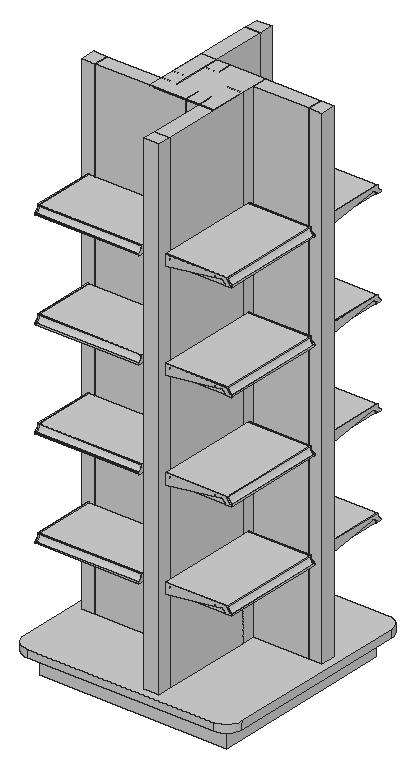
Revit family "TM", category Specialty Equipment, Revit 2012
Parameters (values of type "Tubular 4-Way Merchandiser (Default)")
  Width (32", 40", 48", or 57") = 3' - 4"
  URL = "http://madixinc.com/display/freestanding.html"
  Model = "Tubular 4-Way Merchandiser"
  Manufacturer = "© 2012 Madix, Inc. All rights reserved."
  Height = 8' - 0"
  4 [instance] = yes
  3 [instance] = yes
  2 [instance] = yes
  1 [instance] = yes
Reference planes (in)
  plane 1 "Center (Front/Back)": y = 0
  plane 2: z = 0
  plane 3 "Center (Left/Right)": x = 0
  plane 4: x = 14.875
  plane 5: x = -14.875
  plane 6: y = 14.875
  plane 7: y = -14.875
  plane 8: x = -3.125
  plane 9: y = -3.125
  plane 10: x = -18.5
  plane 11: x = 18.5
  plane 12: y = 18.5
  plane 13: y = -18.49981
  plane 14: z = 5.5
  plane 15: z = 23.5
  plane 16: z = 41.5
  plane 17: z = 59.5
  plane 18: z = 77.5
  plane 19: y = 15.96875
  plane 20: y = -15.96875
  plane 21: x = -15.96875
  plane 22: x = 15.96875
  plane 23: x = 5.875
  plane 24: z = 4.125
  plane 25: z = 96
  plane 26: z = 96.0625
  plane 27: y = 1.875
  plane 28: y = 1.75
  plane 29: y = -17.24981
  plane 30: y = -17.12481
  plane 31: x = -20
  plane 32: x = 20
  plane 33: y = 20
  plane 34: y = -20
  plane 35: y = 17.25
  plane 36: y = -1.875
  plane 37: y = -1.75
  plane 38: x = -17.25
  plane 39: x = 1.875
  plane 40: x = 1.75
  plane 41: x = -1.84375
  plane 42: x = -1.71875
  plane 43: y = -5.875
  plane 44: y = 5.875
  plane 45: x = 17.125
  plane 46: x = 17.25
  plane 47: x = 17.25
Forms (in)
  Extrusion 1, solid, material "Metal - Steel"
    sketch origin (0, 0, 0) x (1, 0, 0) y (0, 1, 0)
      loop
        line (-3.125, 18.5) -> (-5.875, 18.5) -> (-5.875, 16) -> (-3.125, 16) -> (-3.125, 18.5)
      loop
        line (18.5, 5.875) -> (16, 5.875) -> (16, 3.125) -> (18.5, 3.125) -> (18.5, 5.875)
      loop
        line (5.875, -18.49981) -> (5.875, -15.99981) -> (3.125, -15.99981) -> (3.125, -18.49981) -> (5.875, -18.49981)
      loop
        line (-18.5, -3.125) -> (-18.5, -5.875) -> (-16, -5.875) -> (-16, -3.125) -> (-18.5, -3.125)
      loop
        line (5.875, -15.96875) -> (5.875, 0.593) -> (3.125, 0.593) -> (3.125, -15.96875) -> (5.875, -15.96875)
      loop
        line (5.875, 0.625) -> (5.875, 3.09375) -> (3.125, 3.09375) -> (3.125, 0.625) -> (5.875, 0.625)
      loop
        line (0.625, -5.875) -> (3.09375, -5.875) -> (3.09375, -3.125) -> (0.625, -3.125) -> (0.625, -5.875)
      loop
        line (-15.96875, -5.875) -> (0.59375, -5.875) -> (0.59375, -3.125) -> (-15.96875, -3.125) -> (-15.96875, -5.875)
      loop
        line (-5.875, -0.625) -> (-5.875, -3.09375) -> (-3.125, -3.09375) -> (-3.125, -0.625) -> (-5.875, -0.625)
      loop
        line (-5.875, -0.59375) -> (-3.125, -0.59375) -> (-3.125, 15.96875) -> (-5.875, 15.96875) -> (-5.875, -0.59375)
      loop
        line (-0.625, 3.125) -> (-0.625, 5.875) -> (-3.09375, 5.875) -> (-3.09375, 3.125) -> (-0.625, 3.125)
      loop
        line (-0.59375, 5.875) -> (-0.59375, 3.125) -> (15.96875, 3.125) -> (15.96875, 5.875) -> (-0.59375, 5.875)
    from 5.5 to 96
  Extrusion 2, solid, material "Metal - Steel"
    sketch origin (0, 0, 0) x (1, 0, 0) y (0, 1, 0)
      loop
        line (-17.125, -17.12481) -> (17.125, -17.12481) -> (17.125, 17.125) -> (-17.125, 17.125) -> (-17.125, -17.12481)
    from 0 to 5.5
  Extrusion 3, solid, material "Metal - Steel"
    sketch origin (0, 0, 0) x (1, 0, 0) y (0, 1, 0)
      loop
        arc (-17.125, 20) -> (-19.15793, 19.15793) -> (-20, 17.125) r 2.875
        line (-20, 17.125) -> (-20, -17.125)
        arc (-20, -17.125) -> (-19.15793, -19.15793) -> (-17.125, -20) r 2.875
        line (-17.125, -20) -> (17.125, -20)
        arc (17.125, -20) -> (19.15793, -19.15793) -> (20, -17.125) r 2.875
        line (20, -17.125) -> (20, 17.125)
        arc (20, 17.125) -> (19.15793, 19.15793) -> (17.125, 20) r 2.875
        line (17.125, 20) -> (-17.125, 20)
    from 4.125 to 5.5
  Extrusion 4, solid, material "Metal - Steel"
    sketch origin (0, 0, 0) x (1, 0, 0) y (0, 1, 0)
      loop
        line (-5.875, 5.875) -> (-5.875, -5.875) -> (5.875, -5.875) -> (5.875, 5.875) -> (-5.875, 5.875)
    from 96 to 96.0625
  Extrusion 5, solid, material "Metal - Steel"
    sketch origin (0, 0, 0) x (1, 0, 0) y (0, 0, 1)
      loop
        line (17.375, 77.5) -> (5.875, 77.5) -> (5.875, 76.125) -> (18.125, 76.125) -> (18.125, 76.375) -> (18, 76.375) -> (18, 76.25)
        arc (18, 76.25) -> (17.51196, 76.73714) -> (17.25, 77.375) r 1.75
        line (17.25, 77.375) -> (17.375, 77.375) -> (17.375, 77.5)
      loop
        line (17.375, 59.5) -> (5.875, 59.5) -> (5.875, 58.125) -> (18.125, 58.125) -> (18.125, 58.375) -> (18, 58.375) -> (18, 58.25)
        arc (18, 58.25) -> (17.51196, 58.73714) -> (17.25, 59.375) r 1.75
        line (17.25, 59.375) -> (17.375, 59.375) -> (17.375, 59.5)
      loop
        line (17.375, 41.5) -> (5.875, 41.5) -> (5.875, 40.125) -> (18.125, 40.125) -> (18.125, 40.375) -> (18, 40.375) -> (18, 40.25)
        arc (18, 40.25) -> (17.51196, 40.73714) -> (17.25, 41.375) r 1.75
        line (17.25, 41.375) -> (17.375, 41.375) -> (17.375, 41.5)
      loop
        line (17.375, 23.5) -> (5.875, 23.5) -> (5.875, 22.125) -> (18.125, 22.125) -> (18.125, 22.375) -> (18, 22.375) -> (18, 22.25)
        arc (18, 22.25) -> (17.51196, 22.73714) -> (17.25, 23.375) r 1.75
        line (17.25, 23.375) -> (17.375, 23.375) -> (17.375, 23.5)
    from -1.75 to 17.12481
  Extrusion 6, solid, material "Metal - Steel"
    sketch origin (0, 0, 0) x (1, 0, 0) y (0, 0, 1)
      loop
        line (-5.875, 77.5) -> (-17.375, 77.5) -> (-17.375, 77.375) -> (-17.25, 77.375)
        arc (-17.25, 77.375) -> (-17.51196, 76.73714) -> (-18, 76.25) r 1.75
        line (-18, 76.25) -> (-18, 76.375) -> (-18.125, 76.375) -> (-18.125, 76.125) -> (-5.875, 76.125) -> (-5.875, 77.5)
      loop
        line (-5.875, 59.5) -> (-17.375, 59.5) -> (-17.375, 59.375) -> (-17.25, 59.375)
        arc (-17.25, 59.375) -> (-17.51196, 58.73714) -> (-18, 58.25) r 1.75
        line (-18, 58.25) -> (-18, 58.375) -> (-18.125, 58.375) -> (-18.125, 58.125) -> (-5.875, 58.125) -> (-5.875, 59.5)
      loop
        line (-5.875, 41.5) -> (-17.375, 41.5) -> (-17.375, 41.375) -> (-17.25, 41.375)
        arc (-17.25, 41.375) -> (-17.51196, 40.73714) -> (-18, 40.25) r 1.75
        line (-18, 40.25) -> (-18, 40.375) -> (-18.125, 40.375) -> (-18.125, 40.125) -> (-5.875, 40.125) -> (-5.875, 41.5)
      loop
        line (-5.875, 23.5) -> (-17.375, 23.5) -> (-17.375, 23.375) -> (-17.25, 23.375)
        arc (-17.25, 23.375) -> (-17.51196, 22.73714) -> (-18, 22.25) r 1.75
        line (-18, 22.25) -> (-18, 22.375) -> (-18.125, 22.375) -> (-18.125, 22.125) -> (-5.875, 22.125) -> (-5.875, 23.5)
    from -17.125 to 1.75
  Extrusion 7, solid, material "Metal - Steel"
    sketch origin (0, 0, 0) x (0, 1, 0) y (0, 0, 1)
      loop
        line (-5.875, 77.5) -> (-17.375, 77.5) -> (-17.375, 77.375) -> (-17.24981, 77.375)
        arc (-17.24981, 77.375) -> (-17.51177, 76.73714) -> (-17.99981, 76.25) r 1.75
        line (-17.99981, 76.25) -> (-17.99981, 76.375) -> (-18.12481, 76.375) -> (-18.12481, 76.125) -> (-5.875, 76.125) -> (-5.875, 77.5)
      loop
        line (-5.875, 59.5) -> (-17.375, 59.5) -> (-17.375, 59.375) -> (-17.24981, 59.375)
        arc (-17.24981, 59.375) -> (-17.51177, 58.73714) -> (-17.99981, 58.25) r 1.75
        line (-17.99981, 58.25) -> (-17.99981, 58.375) -> (-18.12481, 58.375) -> (-18.12481, 58.125) -> (-5.875, 58.125) -> (-5.875, 59.5)
      loop
        line (-5.875, 41.5) -> (-17.375, 41.5) -> (-17.375, 41.375) -> (-17.24981, 41.375)
        arc (-17.24981, 41.375) -> (-17.51177, 40.73714) -> (-17.99981, 40.25) r 1.75
        line (-17.99981, 40.25) -> (-17.99981, 40.375) -> (-18.12481, 40.375) -> (-18.12481, 40.125) -> (-5.875, 40.125) -> (-5.875, 41.5)
      loop
        line (-5.875, 23.5) -> (-17.375, 23.5) -> (-17.375, 23.375) -> (-17.24981, 23.375)
        arc (-17.24981, 23.375) -> (-17.51177, 22.73714) -> (-17.99981, 22.25) r 1.75
        line (-17.99981, 22.25) -> (-17.99981, 22.375) -> (-18.12481, 22.375) -> (-18.12481, 22.125) -> (-5.875, 22.125) -> (-5.875, 23.5)
    from -17.125 to 1.75
  Extrusion 8, solid, material "Metal - Steel"
    sketch origin (0, 0, 0) x (0, 1, 0) y (0, 0, 1)
      loop
        line (17.375, 41.5) -> (5.875, 41.5) -> (5.875, 40.125) -> (18.12481, 40.125) -> (18.12481, 40.375) -> (17.99981, 40.375) -> (17.99981, 40.25)
        arc (17.99981, 40.25) -> (17.51177, 40.73714) -> (17.24981, 41.375) r 1.75
        line (17.24981, 41.375) -> (17.375, 41.375) -> (17.375, 41.5)
      loop
        line (17.375, 23.5) -> (5.875, 23.5) -> (5.875, 22.125) -> (18.12481, 22.125) -> (18.12481, 22.375) -> (17.99981, 22.375) -> (17.99981, 22.25)
        arc (17.99981, 22.25) -> (17.51177, 22.73714) -> (17.24981, 23.375) r 1.75
        line (17.24981, 23.375) -> (17.375, 23.375) -> (17.375, 23.5)
      loop
        line (17.375, 59.5) -> (5.875, 59.5) -> (5.875, 58.125) -> (18.12481, 58.125) -> (18.12481, 58.375) -> (17.99981, 58.375) -> (17.99981, 58.25)
        arc (17.99981, 58.25) -> (17.51177, 58.73714) -> (17.24981, 59.375) r 1.75
        line (17.24981, 59.375) -> (17.375, 59.375) -> (17.375, 59.5)
      loop
        line (17.375, 77.5) -> (5.875, 77.5) -> (5.875, 76.125) -> (18.12481, 76.125) -> (18.12481, 76.375) -> (17.99981, 76.375) -> (17.99981, 76.25)
        arc (17.99981, 76.25) -> (17.51177, 76.73714) -> (17.24981, 77.375) r 1.75
        line (17.24981, 77.375) -> (17.375, 77.375) -> (17.375, 77.5)
    from -1.71875 to 17.125
  Extrusion 9, solid, material "Metal - Steel"
    sketch origin (0, 0, 0) x (1, 0, 0) y (0, 0, 1)
      loop
        line (17.375, 77.5) -> (5.875, 77.5) -> (5.875, 75.5) -> (16.125, 76.875) -> (16.125, 77) -> (16.375, 77) -> (17.125, 76.375) -> (17.125, 76.125) -> (18.125, 76.125) -> (18.125, 76.375)
        arc (18.125, 76.375) -> (17.65767, 76.80575) -> (17.375, 77.375) r 1.75
        line (17.375, 77.375) -> (17.375, 77.5)
      loop
        circle (6.875, 77) r 0.125
      loop
        circle (15.125, 77) r 0.125
      loop
        line (17.375, 59.5) -> (5.875, 59.5) -> (5.875, 57.5) -> (16.125, 58.875) -> (16.125, 59) -> (16.375, 59) -> (17.125, 58.375) -> (17.125, 58.125) -> (18.125, 58.125) -> (18.125, 58.375)
        arc (18.125, 58.375) -> (17.65767, 58.80575) -> (17.375, 59.375) r 1.75
        line (17.375, 59.375) -> (17.375, 59.5)
      loop
        circle (6.875, 59) r 0.125
      loop
        circle (15.125, 59) r 0.125
      loop
        line (17.375, 41.5) -> (5.875, 41.5) -> (5.875, 39.5) -> (16.125, 40.875) -> (16.125, 41) -> (16.375, 41) -> (17.125, 40.375) -> (17.125, 40.125) -> (18.125, 40.125) -> (18.125, 40.375)
        arc (18.125, 40.375) -> (17.65767, 40.80575) -> (17.375, 41.375) r 1.75
        line (17.375, 41.375) -> (17.375, 41.5)
      loop
        circle (6.875, 41) r 0.125
      loop
        circle (15.125, 41) r 0.125
      loop
        line (17.375, 23.5) -> (5.875, 23.5) -> (5.875, 21.5) -> (16.125, 22.875) -> (16.125, 23) -> (16.375, 23) -> (17.125, 22.375) -> (17.125, 22.125) -> (18.125, 22.125) -> (18.125, 22.375)
        arc (18.125, 22.375) -> (17.65767, 22.80575) -> (17.375, 23.375) r 1.75
        line (17.375, 23.375) -> (17.375, 23.5)
      loop
        circle (6.875, 23) r 0.125
      loop
        circle (15.125, 23) r 0.125
    from -1.875 to -1.75
  Extrusion 10, solid, material "Metal - Steel"
    sketch origin (0, 0, 0) x (1, 0, 0) y (0, 0, 1)
      loop
        line (5.875, 41.5) -> (5.875, 39.5) -> (16.125, 40.875) -> (16.125, 41) -> (16.375, 41) -> (17.125, 40.375) -> (17.125, 40.125) -> (18.125, 40.125) -> (18.125, 40.375)
        arc (18.125, 40.375) -> (17.65767, 40.80575) -> (17.375, 41.375) r 1.75
        line (17.375, 41.375) -> (17.375, 41.5) -> (5.875, 41.5)
      loop
        circle (6.875, 41) r 0.125
      loop
        circle (15.125, 41) r 0.125
      loop
        line (5.875, 23.5) -> (5.875, 21.5) -> (16.125, 22.875) -> (16.125, 23) -> (16.375, 23) -> (17.125, 22.375) -> (17.125, 22.125) -> (18.125, 22.125) -> (18.125, 22.375)
        arc (18.125, 22.375) -> (17.65767, 22.80575) -> (17.375, 23.375) r 1.75
        line (17.375, 23.375) -> (17.375, 23.5) -> (5.875, 23.5)
      loop
        circle (6.875, 23) r 0.125
      loop
        circle (15.125, 23) r 0.125
      loop
        line (5.875, 77.5) -> (5.875, 75.5) -> (16.125, 76.875) -> (16.125, 77) -> (16.375, 77) -> (17.125, 76.375) -> (17.125, 76.125) -> (18.125, 76.125) -> (18.125, 76.375)
        arc (18.125, 76.375) -> (17.65767, 76.80575) -> (17.375, 77.375) r 1.75
        line (17.375, 77.375) -> (17.375, 77.5) -> (5.875, 77.5)
      loop
        circle (6.875, 77) r 0.125
      loop
        circle (15.125, 77) r 0.125
      loop
        line (5.875, 59.5) -> (5.875, 57.5) -> (16.125, 58.875) -> (16.125, 59) -> (16.375, 59) -> (17.125, 58.375) -> (17.125, 58.125) -> (18.125, 58.125) -> (18.125, 58.375)
        arc (18.125, 58.375) -> (17.65767, 58.80575) -> (17.375, 59.375) r 1.75
        line (17.375, 59.375) -> (17.375, 59.5) -> (5.875, 59.5)
      loop
        circle (6.875, 59) r 0.125
      loop
        circle (15.125, 59) r 0.125
    from 17.12481 to 17.24981
  Extrusion 11, solid, material "Metal - Steel"
    sketch origin (0, 0, 0) x (-1, 0, 0) y (0, 0, -1)
      loop
        line (17.375, -77.5) -> (17.375, -77.375)
        arc (17.375, -77.375) -> (17.65767, -76.80575) -> (18.125, -76.375) r 1.75
        line (18.125, -76.375) -> (18.125, -76.125) -> (17.125, -76.125) -> (17.125, -76.375) -> (16.375, -77) -> (16.125, -77) -> (16.125, -76.875) -> (5.875, -75.5) -> (5.875, -77.5) -> (17.375, -77.5)
      loop
        circle (6.875, -77) r 0.125
      loop
        circle (15.125, -77) r 0.125
      loop
        line (17.375, -59.5) -> (17.375, -59.375)
        arc (17.375, -59.375) -> (17.65767, -58.80575) -> (18.125, -58.375) r 1.75
        line (18.125, -58.375) -> (18.125, -58.125) -> (17.125, -58.125) -> (17.125, -58.375) -> (16.375, -59) -> (16.125, -59) -> (16.125, -58.875) -> (5.875, -57.5) -> (5.875, -59.5) -> (17.375, -59.5)
      loop
        circle (6.875, -59) r 0.125
      loop
        circle (15.125, -59) r 0.125
      loop
        line (17.375, -41.5) -> (17.375, -41.375)
        arc (17.375, -41.375) -> (17.65767, -40.80575) -> (18.125, -40.375) r 1.75
        line (18.125, -40.375) -> (18.125, -40.125) -> (17.125, -40.125) -> (17.125, -40.375) -> (16.375, -41) -> (16.125, -41) -> (16.125, -40.875) -> (5.875, -39.5) -> (5.875, -41.5) -> (17.375, -41.5)
      loop
        circle (6.875, -41) r 0.125
      loop
        circle (15.125, -41) r 0.125
      loop
        line (17.375, -23.5) -> (17.375, -23.375)
        arc (17.375, -23.375) -> (17.65767, -22.80575) -> (18.125, -22.375) r 1.75
        line (18.125, -22.375) -> (18.125, -22.125) -> (17.125, -22.125) -> (17.125, -22.375) -> (16.375, -23) -> (16.125, -23) -> (16.125, -22.875) -> (5.875, -21.5) -> (5.875, -23.5) -> (17.375, -23.5)
      loop
        circle (6.875, -23) r 0.125
      loop
        circle (15.125, -23) r 0.125
    from -17.25 to -17.125
  Extrusion 12, solid, material "Metal - Steel"
    sketch origin (0, 0, 0) x (-1, 0, 0) y (0, 0, -1)
      loop
        line (5.875, -41.5) -> (17.375, -41.5) -> (17.375, -41.375)
        arc (17.375, -41.375) -> (17.65767, -40.80575) -> (18.125, -40.375) r 1.75
        line (18.125, -40.375) -> (18.125, -40.125) -> (17.125, -40.125) -> (17.125, -40.375) -> (16.375, -41) -> (16.125, -41) -> (16.125, -40.875) -> (5.875, -39.5) -> (5.875, -41.5)
      loop
        circle (6.875, -41) r 0.125
      loop
        circle (15.125, -41) r 0.125
      loop
        line (5.875, -23.5) -> (17.375, -23.5) -> (17.375, -23.375)
        arc (17.375, -23.375) -> (17.65767, -22.80575) -> (18.125, -22.375) r 1.75
        line (18.125, -22.375) -> (18.125, -22.125) -> (17.125, -22.125) -> (17.125, -22.375) -> (16.375, -23) -> (16.125, -23) -> (16.125, -22.875) -> (5.875, -21.5) -> (5.875, -23.5)
      loop
        circle (6.875, -23) r 0.125
      loop
        circle (15.125, -23) r 0.125
      loop
        line (5.875, -77.5) -> (17.375, -77.5) -> (17.375, -77.375)
        arc (17.375, -77.375) -> (17.65767, -76.80575) -> (18.125, -76.375) r 1.75
        line (18.125, -76.375) -> (18.125, -76.125) -> (17.125, -76.125) -> (17.125, -76.375) -> (16.375, -77) -> (16.125, -77) -> (16.125, -76.875) -> (5.875, -75.5) -> (5.875, -77.5)
      loop
        circle (6.875, -77) r 0.125
      loop
        circle (15.125, -77) r 0.125
      loop
        line (5.875, -59.5) -> (17.375, -59.5) -> (17.375, -59.375)
        arc (17.375, -59.375) -> (17.65767, -58.80575) -> (18.125, -58.375) r 1.75
        line (18.125, -58.375) -> (18.125, -58.125) -> (17.125, -58.125) -> (17.125, -58.375) -> (16.375, -59) -> (16.125, -59) -> (16.125, -58.875) -> (5.875, -57.5) -> (5.875, -59.5)
      loop
        circle (6.875, -59) r 0.125
      loop
        circle (15.125, -59) r 0.125
    from 1.75 to 1.875
  Extrusion 13, solid, material "Metal - Steel"
    sketch origin (0, 0, 0) x (0, 1, 0) y (0, 0, 1)
      loop
        line (-5.875, 77.5) -> (-17.375, 77.5) -> (-17.375, 77.375)
        arc (-17.375, 77.375) -> (-17.65758, 76.80578) -> (-18.12481, 76.375) r 1.75
        line (-18.12481, 76.375) -> (-18.12481, 76.125) -> (-17.12481, 76.125) -> (-17.12481, 76.375) -> (-16.37481, 77) -> (-16.12481, 77) -> (-16.12481, 76.875) -> (-5.875, 75.5) -> (-5.875, 77.5)
      loop
        circle (-6.875, 77) r 0.125
      loop
        circle (-15.12481, 77) r 0.125
      loop
        line (-5.875, 59.5) -> (-17.375, 59.5) -> (-17.375, 59.375)
        arc (-17.375, 59.375) -> (-17.65758, 58.80578) -> (-18.12481, 58.375) r 1.75
        line (-18.12481, 58.375) -> (-18.12481, 58.125) -> (-17.12481, 58.125) -> (-17.12481, 58.375) -> (-16.37481, 59) -> (-16.12481, 59) -> (-16.12481, 58.875) -> (-5.875, 57.5) -> (-5.875, 59.5)
      loop
        circle (-6.875, 59) r 0.125
      loop
        circle (-15.12481, 59) r 0.125
      loop
        line (-5.875, 41.5) -> (-17.375, 41.5) -> (-17.375, 41.375)
        arc (-17.375, 41.375) -> (-17.65758, 40.80578) -> (-18.12481, 40.375) r 1.75
        line (-18.12481, 40.375) -> (-18.12481, 40.125) -> (-17.12481, 40.125) -> (-17.12481, 40.375) -> (-16.37481, 41) -> (-16.12481, 41) -> (-16.12481, 40.875) -> (-5.875, 39.5) -> (-5.875, 41.5)
      loop
        circle (-6.875, 41) r 0.125
      loop
        circle (-15.12481, 41) r 0.125
      loop
        line (-5.875, 23.5) -> (-17.375, 23.5) -> (-17.375, 23.375)
        arc (-17.375, 23.375) -> (-17.65758, 22.80578) -> (-18.12481, 22.375) r 1.75
        line (-18.12481, 22.375) -> (-18.12481, 22.125) -> (-17.12481, 22.125) -> (-17.12481, 22.375) -> (-16.37481, 23) -> (-16.12481, 23) -> (-16.12481, 22.875) -> (-5.875, 21.5) -> (-5.875, 23.5)
      loop
        circle (-6.875, 23) r 0.125
      loop
        circle (-15.12481, 23) r 0.125
    from -17.25 to -17.125
  Extrusion 14, solid, material "Metal - Steel"
    sketch origin (0, 0, 0) x (0, 1, 0) y (0, 0, 1)
      loop
        line (-5.875, 77.5) -> (-17.375, 77.5) -> (-17.375, 77.375)
        arc (-17.375, 77.375) -> (-17.65758, 76.80578) -> (-18.12481, 76.375) r 1.75
        line (-18.12481, 76.375) -> (-18.12481, 76.125) -> (-17.12481, 76.125) -> (-17.12481, 76.375) -> (-16.37481, 77) -> (-16.12481, 77) -> (-16.12481, 76.875) -> (-5.875, 75.5) -> (-5.875, 77.5)
      loop
        circle (-15.12481, 77) r 0.125
      loop
        circle (-6.875, 77) r 0.125
      loop
        line (-5.875, 59.5) -> (-17.375, 59.5) -> (-17.375, 59.375)
        arc (-17.375, 59.375) -> (-17.65758, 58.80578) -> (-18.12481, 58.375) r 1.75
        line (-18.12481, 58.375) -> (-18.12481, 58.125) -> (-17.12481, 58.125) -> (-17.12481, 58.375) -> (-16.37481, 59) -> (-16.12481, 59) -> (-16.12481, 58.875) -> (-5.875, 57.5) -> (-5.875, 59.5)
      loop
        circle (-15.12481, 59) r 0.125
      loop
        circle (-6.875, 59) r 0.125
      loop
        line (-5.875, 41.5) -> (-17.375, 41.5) -> (-17.375, 41.375)
        arc (-17.375, 41.375) -> (-17.65758, 40.80578) -> (-18.12481, 40.375) r 1.75
        line (-18.12481, 40.375) -> (-18.12481, 40.125) -> (-17.12481, 40.125) -> (-17.12481, 40.375) -> (-16.37481, 41) -> (-16.12481, 41) -> (-16.12481, 40.875) -> (-5.875, 39.5) -> (-5.875, 41.5)
      loop
        circle (-15.12481, 41) r 0.125
      loop
        circle (-6.875, 41) r 0.125
      loop
        line (-5.875, 23.5) -> (-17.375, 23.5) -> (-17.375, 23.375)
        arc (-17.375, 23.375) -> (-17.65758, 22.80578) -> (-18.12481, 22.375) r 1.75
        line (-18.12481, 22.375) -> (-18.12481, 22.125) -> (-17.12481, 22.125) -> (-17.12481, 22.375) -> (-16.37481, 23) -> (-16.12481, 23) -> (-16.12481, 22.875) -> (-5.875, 21.5) -> (-5.875, 23.5)
      loop
        circle (-15.12481, 23) r 0.125
      loop
        circle (-6.875, 23) r 0.125
    from 1.75 to 1.875
  Extrusion 15, solid, material "Metal - Steel"
    sketch origin (0, 0, 0) x (0, -1, 0) y (0, 0, -1)
      loop
        line (-5.875, -77.5) -> (-5.875, -75.5) -> (-16.12481, -76.875) -> (-16.12481, -77) -> (-16.37481, -77) -> (-17.12481, -76.375) -> (-17.12481, -76.125) -> (-18.12481, -76.125) -> (-18.12481, -76.375)
        arc (-18.12481, -76.375) -> (-17.65758, -76.80578) -> (-17.375, -77.375) r 1.75
        line (-17.375, -77.375) -> (-17.375, -77.5) -> (-5.875, -77.5)
      loop
        circle (-6.875, -77) r 0.125
      loop
        circle (-15.12481, -77) r 0.125
      loop
        line (-5.875, -59.5) -> (-5.875, -57.5) -> (-16.12481, -58.875) -> (-16.12481, -59) -> (-16.37481, -59) -> (-17.12481, -58.375) -> (-17.12481, -58.125) -> (-18.12481, -58.125) -> (-18.12481, -58.375)
        arc (-18.12481, -58.375) -> (-17.65758, -58.80578) -> (-17.375, -59.375) r 1.75
        line (-17.375, -59.375) -> (-17.375, -59.5) -> (-5.875, -59.5)
      loop
        circle (-6.875, -59) r 0.125
      loop
        circle (-15.12481, -59) r 0.125
      loop
        line (-5.875, -41.5) -> (-5.875, -39.5) -> (-16.12481, -40.875) -> (-16.12481, -41) -> (-16.37481, -41) -> (-17.12481, -40.375) -> (-17.12481, -40.125) -> (-18.12481, -40.125) -> (-18.12481, -40.375)
        arc (-18.12481, -40.375) -> (-17.65758, -40.80578) -> (-17.375, -41.375) r 1.75
        line (-17.375, -41.375) -> (-17.375, -41.5) -> (-5.875, -41.5)
      loop
        circle (-6.875, -41) r 0.125
      loop
        circle (-15.12481, -41) r 0.125
      loop
        line (-5.875, -23.5) -> (-5.875, -21.5) -> (-16.12481, -22.875) -> (-16.12481, -23) -> (-16.37481, -23) -> (-17.12481, -22.375) -> (-17.12481, -22.125) -> (-18.12481, -22.125) -> (-18.12481, -22.375)
        arc (-18.12481, -22.375) -> (-17.65758, -22.80578) -> (-17.375, -23.375) r 1.75
        line (-17.375, -23.375) -> (-17.375, -23.5) -> (-5.875, -23.5)
      loop
        circle (-6.875, -23) r 0.125
      loop
        circle (-15.12481, -23) r 0.125
    from -1.71875 to -1.84375
  Extrusion 16, solid, material "Metal - Steel"
    sketch origin (0, 0, 0) x (0, 1, 0) y (0, 0, 1)
      loop
        arc (18.12481, 40.375) -> (17.65758, 40.80578) -> (17.375, 41.375) r 1.75
        line (17.375, 41.375) -> (17.375, 41.5) -> (5.875, 41.5) -> (5.875, 39.5) -> (16.12481, 40.875) -> (16.12481, 41) -> (16.37481, 41) -> (17.12481, 40.375) -> (17.12481, 40.125) -> (18.12481, 40.125) -> (18.12481, 40.375)
      loop
        circle (15.12481, 41) r 0.125
      loop
        circle (6.875, 41) r 0.125
      loop
        arc (18.12481, 22.375) -> (17.65758, 22.80578) -> (17.375, 23.375) r 1.75
        line (17.375, 23.375) -> (17.375, 23.5) -> (5.875, 23.5) -> (5.875, 21.5) -> (16.12481, 22.875) -> (16.12481, 23) -> (16.37481, 23) -> (17.12481, 22.375) -> (17.12481, 22.125) -> (18.12481, 22.125) -> (18.12481, 22.375)
      loop
        circle (15.12481, 23) r 0.125
      loop
        circle (6.875, 23) r 0.125
      loop
        arc (18.12481, 58.375) -> (17.65758, 58.80578) -> (17.375, 59.375) r 1.75
        line (17.375, 59.375) -> (17.375, 59.5) -> (5.875, 59.5) -> (5.875, 57.5) -> (16.12481, 58.875) -> (16.12481, 59) -> (16.37481, 59) -> (17.12481, 58.375) -> (17.12481, 58.125) -> (18.12481, 58.125) -> (18.12481, 58.375)
      loop
        circle (15.12481, 59) r 0.125
      loop
        circle (6.875, 59) r 0.125
      loop
        arc (18.12481, 76.375) -> (17.65758, 76.80578) -> (17.375, 77.375) r 1.75
        line (17.375, 77.375) -> (17.375, 77.5) -> (5.875, 77.5) -> (5.875, 75.5) -> (16.12481, 76.875) -> (16.12481, 77) -> (16.37481, 77) -> (17.12481, 76.375) -> (17.12481, 76.125) -> (18.12481, 76.125) -> (18.12481, 76.375)
      loop
        circle (15.12481, 77) r 0.125
      loop
        circle (6.875, 77) r 0.125
    from 17.125 to 17.25
Cuts and joins
  joined: Extrusion 2, Extrusion 3
Dimensions and locks (in)
  "Width (32", 40", 48", or 57")": plane 31 to plane 32
  equal spacing: plane 19, plane 1 "Center (Front/Back)", plane 20
  "Width (32", 40", 48", or 57")": plane 33 to plane 34
  locked: plane 12 to plane 19 at 2.53125
  locked: plane 20 to plane 13 at 2.53106
  locked: plane 10 to plane 21 at 2.53125
  locked: plane 22 to plane 11 at 2.53125
  equal spacing: plane 21, plane 3 "Center (Left/Right)", plane 22
  "Height": plane 25 to level
  locked: plane 26 to plane 25 at 0.0625
  locked: plane 20 to plane 30 at 1.15606
  locked: plane 29 to plane 30 at 0.125
  locked: plane 33 to plane 12 at 1.5
  locked: plane 13 to plane 34 at 1.50019
  locked: plane 31 to plane 10 at 1.5
  locked: plane 11 to plane 32 at 1.5
  locked: Extrusion 6 to plane 35 at 0.125
  locked: plane 35 to plane 12 at 1.25
  locked: plane 38 to Extrusion 7 at 0.125
  locked: plane 10 to plane 38 at 1.25
  locked: plane 45 to plane 46 at 0.125
  locked: plane 46 to plane 11 at 1.25
  locked: plane 47 to plane 11 at 1.25
  aligned and locked: level to plane 2
  aligned and locked: plane 10 to Extrusion 1
  aligned and locked: plane 11 to Extrusion 1
  aligned and locked: plane 12 to Extrusion 1
  aligned and locked: plane 13 to Extrusion 1
  aligned and locked: plane 19 to Extrusion 1
  aligned and locked: plane 20 to Extrusion 1
  aligned and locked: plane 21 to Extrusion 1
  aligned and locked: plane 22 to Extrusion 1
  aligned and locked: plane 23 to Extrusion 1
  aligned and locked: plane 25 to Extrusion 1
  aligned and locked: Extrusion 4 to Extrusion 1
  aligned and locked: plane 26 to Extrusion 4
  aligned and locked: cut or joined group of Extrusion 2, Extrusion 3 to Extrusion 5
  aligned and locked: Extrusion 5 to plane 30
  aligned and locked: plane 31 to cut or joined group of Extrusion 2, Extrusion 3
  aligned and locked: plane 32 to cut or joined group of Extrusion 2, Extrusion 3
  aligned and locked: plane 33 to cut or joined group of Extrusion 2, Extrusion 3
  aligned and locked: plane 34 to cut or joined group of Extrusion 2, Extrusion 3
  aligned and locked: plane 37 to Extrusion 6
  aligned and locked: cut or joined group of Extrusion 2, Extrusion 3 to Extrusion 6
  aligned and locked: plane 40 to Extrusion 7
  aligned and locked: cut or joined group of Extrusion 2, Extrusion 3 to Extrusion 7
  aligned and locked: plane 42 to Extrusion 8
  aligned and locked: cut or joined group of Extrusion 2, Extrusion 3 to Extrusion 8
  aligned and locked: Extrusion 8 to Extrusion 1
  aligned and locked: Extrusion 9 to Extrusion 5
  aligned and locked: plane 29 to Extrusion 10
  aligned and locked: Extrusion 10 to cut or joined group of Extrusion 2, Extrusion 3
  aligned and locked: Extrusion 11 to plane 35
  aligned and locked: Extrusion 11 to cut or joined group of Extrusion 2, Extrusion 3
  aligned and locked: plane 36 to Extrusion 12
  aligned and locked: Extrusion 12 to plane 37
  aligned and locked: Extrusion 13 to plane 38
  aligned and locked: Extrusion 13 to cut or joined group of Extrusion 2, Extrusion 3
  aligned and locked: plane 43 to Extrusion 1
  aligned and locked: Extrusion 13 to Extrusion 1  (x4)
  aligned and locked: Extrusion 14 to Extrusion 7
  aligned and locked: plane 44 to Extrusion 1
  aligned and locked: plane 41 to Extrusion 15
  aligned and locked: plane 45 to Extrusion 8
  aligned and locked: Extrusion 16 to cut or joined group of Extrusion 2, Extrusion 3
  aligned and locked: plane 47 to Extrusion 16
Automatic sketch dimensions
  Extrusion 1 sketch curve to plane 10 = 0' - 0"
  plane 43 to Extrusion 1 sketch curve = 0' - 0"  (x3)
  Extrusion 1 sketch curve to plane 9 = 0' - 0"  (x3)
  Extrusion 1 sketch curve to plane 21 = 0' - 0"
  Extrusion 1 sketch curve to plane 19 = 0' - 0"
  Extrusion 1 sketch curve to plane 12 = 0' - 0"
  Extrusion 1 sketch curve to plane 8 = 0' - 0"  (x3)
  Extrusion 1 sketch curve to plane 44 = 0' - 0"  (x3)
  Extrusion 1 sketch curve to plane 13 = 0' - 0"
  Extrusion 1 sketch curve to plane 20 = 0' - 0"
  Extrusion 1 sketch curve to plane 23 = 0' - 0"  (x3)
  Extrusion 1 sketch curve to plane 22 = 0' - 0"
  Extrusion 1 sketch curve to plane 11 = 0' - 0"
  Extrusion 1 sketch curve to plane 21 = 0' - 0 1/32"
  plane 1 "Center (Front/Back)" to Extrusion 1 sketch curve = 0' - 0 19/32"
  Extrusion 1 sketch curve to plane 8 = 0' - 2 3/4"
  Extrusion 1 sketch curve to Extrusion 1 sketch curve = 0' - 0"  (x3)
  plane 8 to Extrusion 1 sketch curve = 0' - 0 1/32"
  Extrusion 1 sketch curve to plane 3 "Center (Left/Right)" = 0' - 0 5/8"
  Extrusion 1 sketch curve to Extrusion 1 sketch curve = 0' - 0 1/32"  (x4)
  plane 3 "Center (Left/Right)" to Extrusion 1 sketch curve = 0' - 0 19/32"
  plane 39 to Extrusion 1 sketch curve = 0' - 1 7/32"
  Extrusion 1 sketch curve to plane 1 "Center (Front/Back)" = 0' - 0.593"
  plane 39 to Extrusion 1 sketch curve = 0' - 1 1/4"  (x3)
  plane 22 to Extrusion 1 sketch curve = 0' - 0 1/32"
  Extrusion 1 sketch curve to Extrusion 1 sketch curve = 0' - 0.03106"
  plane 9 to Extrusion 1 sketch curve = 0' - 0 1/32"
  Extrusion 1 sketch curve to Extrusion 1 sketch curve = 0' - 0.032"
  plane 27 to Extrusion 1 sketch curve = 0' - 1 7/32"
  plane 27 to Extrusion 1 sketch curve = 0' - 1 1/4"  (x2)
  Extrusion 2 sketch curve to plane 30 = 0' - 0"
  Extrusion 2 sketch curve to plane 45 = 0' - 0"
  plane 38 to Extrusion 2 sketch curve = 0' - 0 1/8"
  plane 35 to Extrusion 2 sketch curve = 0' - 0 1/8"
  Extrusion 3 sketch curve to plane 31 = 0' - 0"
  Extrusion 3 sketch curve to plane 34 = 0' - 0"
  Extrusion 3 sketch curve to plane 33 = 0' - 0"
  Extrusion 3 sketch curve to plane 45 = 0' - 0"  (x2)
  Extrusion 3 sketch curve to plane 32 = 0' - 0"
  plane 38 to Extrusion 3 sketch curve = 0' - 0 1/8"
  plane 35 to Extrusion 3 sketch curve = 0' - 0 1/8"
  plane 43 to Extrusion 4 sketch curve = 0' - 0"
  Extrusion 4 sketch curve to plane 44 = 0' - 0"
  Extrusion 4 sketch curve to plane 23 = 0' - 0"
  plane 41 to Extrusion 4 sketch curve = 0' - 4 1/32"
  plane 23 to Extrusion 5 sketch curve = 0' - 0"  (x4)
  Extrusion 5 sketch curve to plane 16 = 0' - 0"
  plane 46 to Extrusion 5 sketch curve = 0' - 0"  (x4)
  Extrusion 5 sketch curve to plane 15 = 0' - 0"
  Extrusion 5 sketch curve to plane 17 = 0' - 0"
  Extrusion 5 sketch curve to plane 18 = 0' - 0"
  Extrusion 5 sketch curve to plane 46 = 0' - 0 1/8"  (x4)
  Extrusion 5 sketch curve to plane 11 = 0' - 0 1/2"  (x4)
  Extrusion 5 sketch curve to Extrusion 5 sketch curve = 0' - 0 1/8"  (x13)
  plane 17 to Extrusion 5 sketch curve = 0' - 0.20787"
  plane 11 to Extrusion 5 sketch curve = 0' - 0.46805"  (x4)
  plane 16 to Extrusion 5 sketch curve = 0' - 0.20787"
  Extrusion 5 sketch curve to plane 18 = 0' - 0.20787"
  Extrusion 5 sketch curve to plane 15 = 0' - 0.20787"
  Extrusion 5 sketch curve to plane 16 = 0' - 1 3/8"
  Extrusion 5 sketch curve to plane 17 = 0' - 1 3/8"
  Extrusion 5 sketch curve to Extrusion 5 sketch curve = 0' - 1 3/8"
  Extrusion 6 sketch curve to plane 18 = 0' - 0"
  Extrusion 6 sketch curve to plane 16 = 0' - 0"
  Extrusion 6 sketch curve to plane 15 = 0' - 0"
  Extrusion 6 sketch curve to plane 17 = 0' - 0"
  Extrusion 6 sketch curve to plane 38 = 0' - 0"  (x4)
  Extrusion 6 sketch curve to Extrusion 6 sketch curve = 0' - 0 1/8"  (x14)
  Extrusion 6 sketch curve to plane 38 = 0' - 0 1/8"  (x2)
  plane 10 to Extrusion 6 sketch curve = 0' - 0 1/2"  (x4)
  Extrusion 6 sketch curve to plane 15 = 0' - 0.20787"
  Extrusion 6 sketch curve to plane 10 = 0' - 0.46805"  (x4)
  plane 16 to Extrusion 6 sketch curve = 0' - 0.20787"
  Extrusion 6 sketch curve to plane 18 = 0' - 0.20787"
  plane 17 to Extrusion 6 sketch curve = 0' - 0.20787"
  plane 41 to Extrusion 6 sketch curve = 0' - 4 1/32"  (x4)
  Extrusion 6 sketch curve to plane 17 = 0' - 1 3/8"
  plane 18 to Extrusion 6 sketch curve = 0' - 1 3/8"
  Extrusion 6 sketch curve to Extrusion 6 sketch curve = 0' - 1 3/8"
  Extrusion 6 sketch curve to plane 16 = 0' - 1 3/8"
  Extrusion 7 sketch curve to plane 17 = 0' - 0"
  plane 15 to Extrusion 7 sketch curve = 0' - 0"
  Extrusion 7 sketch curve to plane 16 = 0' - 0"
  plane 18 to Extrusion 7 sketch curve = 0' - 0"
  Extrusion 7 sketch curve to plane 29 = 0' - 0"  (x4)
  Extrusion 7 sketch curve to plane 43 = 0' - 0"  (x4)
  plane 29 to Extrusion 7 sketch curve = 0' - 0.12519"  (x4)
  plane 13 to Extrusion 7 sketch curve = 0' - 0 1/2"  (x4)
  Extrusion 7 sketch curve to Extrusion 7 sketch curve = 0' - 0 1/8"  (x12)
  plane 16 to Extrusion 7 sketch curve = 0' - 0.20787"
  Extrusion 7 sketch curve to plane 13 = 0' - 0.46805"  (x4)
  plane 17 to Extrusion 7 sketch curve = 0' - 0.20787"
  Extrusion 7 sketch curve to plane 18 = 0' - 0.20787"
  Extrusion 7 sketch curve to plane 15 = 0' - 0.20787"
  Extrusion 7 sketch curve to Extrusion 7 sketch curve = 0' - 1 3/8"
  Extrusion 7 sketch curve to plane 16 = 0' - 1 3/8"
  Extrusion 7 sketch curve to plane 17 = 0' - 1 3/8"
  plane 18 to Extrusion 7 sketch curve = 0' - 1 3/8"
  plane 15 to Extrusion 8 sketch curve = 0' - 0"
  Extrusion 8 sketch curve to plane 44 = 0' - 0"  (x4)
  Extrusion 8 sketch curve to plane 16 = 0' - 0"
  Extrusion 8 sketch curve to plane 17 = 0' - 0"
  plane 18 to Extrusion 8 sketch curve = 0' - 0"
  plane 35 to Extrusion 8 sketch curve = 0' - 0.00019"  (x4)
  Extrusion 8 sketch curve to plane 35 = 0' - 0 1/8"  (x4)
  Extrusion 8 sketch curve to plane 12 = 0' - 0.50019"  (x4)
  Extrusion 8 sketch curve to Extrusion 8 sketch curve = 0' - 0 1/8"  (x13)
  Extrusion 8 sketch curve to plane 18 = 0' - 0.20787"
  plane 12 to Extrusion 8 sketch curve = 0' - 0.46786"  (x4)
  plane 17 to Extrusion 8 sketch curve = 0' - 0.20787"
  plane 16 to Extrusion 8 sketch curve = 0' - 0.20787"
  Extrusion 8 sketch curve to plane 15 = 0' - 0.20787"
  Extrusion 8 sketch curve to plane 16 = 0' - 1 3/8"
  Extrusion 8 sketch curve to Extrusion 8 sketch curve = 0' - 1 3/8"  (x2)
  plane 23 to Extrusion 9 sketch curve = 0' - 0"  (x4)
  Extrusion 9 sketch curve to plane 18 = 0' - 0"
  Extrusion 9 sketch curve to plane 17 = 0' - 0"
  plane 45 to Extrusion 9 sketch curve = 0' - 0"  (x4)
  Extrusion 9 sketch curve to plane 16 = 0' - 0"
  Extrusion 9 sketch curve to plane 15 = 0' - 0"
  plane 18 to Extrusion 9 sketch curve = 0' - 0 1/2"  (x2)
  Extrusion 9 sketch curve to plane 23 = 0' - 1"  (x4)
  plane 15 to Extrusion 9 sketch curve = 0' - 0 1/2"  (x3)
  Extrusion 9 sketch curve to plane 16 = 0' - 0 1/2"  (x2)
  Extrusion 9 sketch curve to plane 17 = 0' - 0 1/2"  (x2)
  Extrusion 9 sketch curve to plane 22 = 0' - 0 27/32"  (x4)
  plane 22 to Extrusion 9 sketch curve = 0' - 0 5/32"  (x4)
  Extrusion 9 sketch curve to Extrusion 9 sketch curve = 0' - 0 1/4"  (x11)
  Extrusion 9 sketch curve to plane 46 = 0' - 0 1/8"  (x4)
  Extrusion 9 sketch curve to plane 11 = 0' - 0 3/8"  (x4)
  Extrusion 9 sketch curve to plane 15 = 0' - 0.35575"
  plane 11 to Extrusion 9 sketch curve = 0' - 0.55767"  (x4)
  Extrusion 9 sketch curve to plane 18 = 0' - 0.35575"
  plane 16 to Extrusion 9 sketch curve = 0' - 0.35575"
  plane 17 to Extrusion 9 sketch curve = 0' - 0.35575"
  Extrusion 9 sketch curve to Extrusion 9 sketch curve = 0' - 0 1/8"  (x4)
  Extrusion 9 sketch curve to Extrusion 9 sketch curve = 0' - 0 5/8"
  Extrusion 9 sketch curve to Extrusion 9 sketch curve = 0' - 0"
  Extrusion 9 sketch curve to Extrusion 9 sketch curve = 0' - 1 1/2"  (x4)
  Extrusion 9 sketch curve to plane 16 = 0' - 1 3/8"
  Extrusion 9 sketch curve to plane 16 = 0' - 0 5/8"
  Extrusion 9 sketch curve to plane 17 = 0' - 1 3/8"
  Extrusion 9 sketch curve to plane 17 = 0' - 0 5/8"
  plane 18 to Extrusion 9 sketch curve = 0' - 1 3/8"
  plane 18 to Extrusion 9 sketch curve = 0' - 0 5/8"
  Extrusion 10 sketch curve to plane 16 = 0' - 0"
  plane 23 to Extrusion 10 sketch curve = 0' - 0"  (x4)
  Extrusion 10 sketch curve to plane 17 = 0' - 0"
  Extrusion 10 sketch curve to plane 18 = 0' - 0"
  Extrusion 10 sketch curve to plane 15 = 0' - 0"
  plane 45 to Extrusion 10 sketch curve = 0' - 0"  (x4)
  Extrusion 10 sketch curve to plane 17 = 0' - 0 1/2"  (x2)
  Extrusion 10 sketch curve to plane 23 = 0' - 1"  (x4)
  Extrusion 10 sketch curve to plane 16 = 0' - 0 1/2"  (x2)
  plane 18 to Extrusion 10 sketch curve = 0' - 0 1/2"  (x2)
  plane 15 to Extrusion 10 sketch curve = 0' - 0 1/2"  (x3)
  Extrusion 10 sketch curve to plane 22 = 0' - 0 27/32"  (x4)
  plane 22 to Extrusion 10 sketch curve = 0' - 0 5/32"  (x4)
  Extrusion 10 sketch curve to Extrusion 10 sketch curve = 0' - 0 1/4"  (x11)
  Extrusion 10 sketch curve to plane 46 = 0' - 0 1/8"  (x4)
  Extrusion 10 sketch curve to plane 11 = 0' - 0 3/8"  (x4)
  Extrusion 10 sketch curve to plane 15 = 0' - 0.35575"
  plane 11 to Extrusion 10 sketch curve = 0' - 0.55767"  (x4)
  Extrusion 10 sketch curve to plane 18 = 0' - 0.35575"
  plane 16 to Extrusion 10 sketch curve = 0' - 0.35575"
  plane 17 to Extrusion 10 sketch curve = 0' - 0.35575"
  Extrusion 10 sketch curve to Extrusion 10 sketch curve = 0' - 0 1/8"  (x4)
  plane 15 to Extrusion 10 sketch curve = 0' - 1 1/8"
  Extrusion 10 sketch curve to Extrusion 10 sketch curve = 0' - 0 5/8"
  Extrusion 10 sketch curve to Extrusion 10 sketch curve = 0' - 1 1/2"  (x4)
  Extrusion 10 sketch curve to plane 16 = 0' - 1 3/8"
  Extrusion 10 sketch curve to plane 16 = 0' - 0 5/8"
  Extrusion 10 sketch curve to plane 17 = 0' - 1 3/8"
  Extrusion 10 sketch curve to plane 17 = 0' - 0 5/8"
  plane 18 to Extrusion 10 sketch curve = 0' - 1 3/8"
  plane 18 to Extrusion 10 sketch curve = 0' - 0 5/8"
  Extrusion 11 sketch curve to plane 18 = 0' - 0"
  Extrusion 11 sketch curve to plane 15 = 0' - 0"
  Extrusion 11 sketch curve to plane 17 = 0' - 0"
  Extrusion 11 sketch curve to plane 16 = 0' - 0"
  Extrusion 11 sketch curve to plane 15 = 0' - 2"
  Extrusion 11 sketch curve to plane 41 = 0' - 4 1/32"  (x4)
  plane 16 to Extrusion 11 sketch curve = 0' - 2"
  Extrusion 11 sketch curve to plane 18 = 0' - 0 1/2"  (x2)
  Extrusion 11 sketch curve to Extrusion 11 sketch curve = 0' - 1"  (x4)
  Extrusion 11 sketch curve to plane 15 = 0' - 0 1/2"  (x2)
  plane 16 to Extrusion 11 sketch curve = 0' - 0 1/2"  (x2)
  plane 17 to Extrusion 11 sketch curve = 0' - 0 1/2"  (x2)
  Extrusion 11 sketch curve to plane 21 = 0' - 0 27/32"  (x4)
  plane 21 to Extrusion 11 sketch curve = 0' - 0 5/32"  (x4)
  Extrusion 11 sketch curve to Extrusion 11 sketch curve = 0' - 0 1/4"  (x12)
  Extrusion 11 sketch curve to plane 38 = 0' - 0 1/8"  (x4)
  plane 38 to Extrusion 11 sketch curve = 0' - 0 1/8"  (x4)
  Extrusion 11 sketch curve to plane 10 = 0' - 0 3/8"  (x4)
  plane 15 to Extrusion 11 sketch curve = 0' - 0.35575"
  plane 10 to Extrusion 11 sketch curve = 0' - 0.55767"  (x4)
  plane 18 to Extrusion 11 sketch curve = 0' - 0.35575"
  Extrusion 11 sketch curve to plane 16 = 0' - 0.35575"
  Extrusion 11 sketch curve to plane 17 = 0' - 0.35575"
  Extrusion 11 sketch curve to plane 15 = 0' - 1 3/8"
  Extrusion 11 sketch curve to plane 15 = 0' - 0 5/8"
  Extrusion 11 sketch curve to Extrusion 11 sketch curve = 0' - 0 1/8"  (x4)
  plane 16 to Extrusion 11 sketch curve = 0' - 1 3/8"
  plane 16 to Extrusion 11 sketch curve = 0' - 0 5/8"
  Extrusion 11 sketch curve to Extrusion 11 sketch curve = 0' - 1 1/2"  (x2)
  plane 17 to Extrusion 11 sketch curve = 0' - 1 3/8"
  plane 17 to Extrusion 11 sketch curve = 0' - 0 5/8"
  Extrusion 11 sketch curve to plane 18 = 0' - 1 3/8"
  Extrusion 11 sketch curve to plane 18 = 0' - 0 5/8"
  Extrusion 12 sketch curve to plane 16 = 0' - 0"
  Extrusion 12 sketch curve to plane 17 = 0' - 0"
  Extrusion 12 sketch curve to plane 18 = 0' - 0"
  Extrusion 12 sketch curve to plane 15 = 0' - 0"
  Extrusion 12 sketch curve to plane 41 = 0' - 4 1/32"  (x4)
  plane 17 to Extrusion 12 sketch curve = 0' - 0 1/2"  (x2)
  Extrusion 12 sketch curve to Extrusion 12 sketch curve = 0' - 1"  (x4)
  plane 16 to Extrusion 12 sketch curve = 0' - 0 1/2"  (x2)
  Extrusion 12 sketch curve to plane 18 = 0' - 0 1/2"  (x2)
  Extrusion 12 sketch curve to plane 15 = 0' - 0 1/2"  (x3)
  Extrusion 12 sketch curve to plane 21 = 0' - 0 27/32"  (x4)
  plane 21 to Extrusion 12 sketch curve = 0' - 0 5/32"  (x4)
  Extrusion 12 sketch curve to Extrusion 12 sketch curve = 0' - 0 1/4"  (x11)
  Extrusion 12 sketch curve to plane 38 = 0' - 0 1/8"  (x4)
  plane 38 to Extrusion 12 sketch curve = 0' - 0 1/8"  (x4)
  Extrusion 12 sketch curve to plane 10 = 0' - 0 3/8"  (x4)
  plane 15 to Extrusion 12 sketch curve = 0' - 0.35575"
  plane 10 to Extrusion 12 sketch curve = 0' - 0.55767"  (x4)
  plane 18 to Extrusion 12 sketch curve = 0' - 0.35575"
  Extrusion 12 sketch curve to plane 16 = 0' - 0.35575"
  Extrusion 12 sketch curve to plane 17 = 0' - 0.35575"
  Extrusion 12 sketch curve to Extrusion 12 sketch curve = 0' - 0 1/8"  (x4)
  Extrusion 12 sketch curve to plane 15 = 0' - 1 1/8"
  Extrusion 12 sketch curve to Extrusion 12 sketch curve = 0' - 0 5/8"
  Extrusion 12 sketch curve to Extrusion 12 sketch curve = 0' - 1 1/2"  (x4)
  plane 16 to Extrusion 12 sketch curve = 0' - 1 3/8"
  plane 16 to Extrusion 12 sketch curve = 0' - 0 5/8"
  plane 17 to Extrusion 12 sketch curve = 0' - 1 3/8"
  plane 17 to Extrusion 12 sketch curve = 0' - 0 5/8"
  Extrusion 12 sketch curve to plane 18 = 0' - 1 3/8"
  Extrusion 12 sketch curve to plane 18 = 0' - 0 5/8"
  plane 15 to Extrusion 13 sketch curve = 0' - 0"
  plane 18 to Extrusion 13 sketch curve = 0' - 0"
  Extrusion 13 sketch curve to plane 17 = 0' - 0"
  Extrusion 13 sketch curve to plane 16 = 0' - 0"
  Extrusion 13 sketch curve to plane 30 = 0' - 0"  (x4)
  Extrusion 13 sketch curve to plane 43 = 0' - 0"  (x4)
  plane 29 to Extrusion 13 sketch curve = 0' - 0.12519"  (x4)
  plane 13 to Extrusion 13 sketch curve = 0' - 0 3/8"  (x4)
  Extrusion 13 sketch curve to plane 18 = 0' - 0.35561"
  Extrusion 13 sketch curve to plane 13 = 0' - 0.5579"  (x4)
  plane 16 to Extrusion 13 sketch curve = 0' - 0.35561"
  plane 17 to Extrusion 13 sketch curve = 0' - 0.35561"
  Extrusion 13 sketch curve to plane 15 = 0' - 0.35561"
  Extrusion 13 sketch curve to plane 20 = 0' - 0.40606"  (x4)
  Extrusion 13 sketch curve to plane 20 = 0' - 0.15606"  (x4)
  plane 20 to Extrusion 13 sketch curve = 0' - 0.84394"  (x4)
  plane 15 to Extrusion 13 sketch curve = 0' - 0 1/2"  (x3)
  plane 43 to Extrusion 13 sketch curve = 0' - 1"  (x4)
  Extrusion 13 sketch curve to plane 16 = 0' - 0 1/2"  (x2)
  Extrusion 13 sketch curve to plane 17 = 0' - 0 1/2"  (x2)
  plane 18 to Extrusion 13 sketch curve = 0' - 0 1/2"  (x2)
  Extrusion 13 sketch curve to Extrusion 13 sketch curve = 0' - 0 1/8"  (x4)
  Extrusion 13 sketch curve to Extrusion 13 sketch curve = 0' - 0 5/8"
  Extrusion 13 sketch curve to Extrusion 13 sketch curve = 0' - 0"
  Extrusion 13 sketch curve to Extrusion 13 sketch curve = 0' - 0 1/4"  (x7)
  Extrusion 13 sketch curve to Extrusion 13 sketch curve = 0' - 1 1/2"  (x4)
  Extrusion 13 sketch curve to plane 16 = 0' - 1 3/8"
  Extrusion 13 sketch curve to plane 16 = 0' - 0 5/8"
  Extrusion 13 sketch curve to plane 17 = 0' - 1 3/8"
  Extrusion 13 sketch curve to plane 17 = 0' - 0 5/8"
  plane 18 to Extrusion 13 sketch curve = 0' - 1 3/8"
  plane 18 to Extrusion 13 sketch curve = 0' - 0 5/8"
  Extrusion 14 sketch curve to plane 16 = 0' - 0"
  plane 15 to Extrusion 14 sketch curve = 0' - 0"
  plane 18 to Extrusion 14 sketch curve = 0' - 0"
  Extrusion 14 sketch curve to plane 17 = 0' - 0"
  Extrusion 14 sketch curve to plane 30 = 0' - 0"  (x4)
  Extrusion 14 sketch curve to plane 43 = 0' - 0"  (x4)
  plane 29 to Extrusion 14 sketch curve = 0' - 0.12519"  (x4)
  plane 13 to Extrusion 14 sketch curve = 0' - 0 3/8"  (x4)
  Extrusion 14 sketch curve to plane 18 = 0' - 0.35561"
  Extrusion 14 sketch curve to plane 13 = 0' - 0.5579"  (x4)
  Extrusion 14 sketch curve to plane 15 = 0' - 0.35561"
  plane 16 to Extrusion 14 sketch curve = 0' - 0.35561"
  plane 17 to Extrusion 14 sketch curve = 0' - 0.35561"
  Extrusion 14 sketch curve to plane 20 = 0' - 0.40606"  (x4)
  Extrusion 14 sketch curve to plane 20 = 0' - 0.15606"  (x4)
  plane 20 to Extrusion 14 sketch curve = 0' - 0.84394"  (x4)
  plane 18 to Extrusion 14 sketch curve = 0' - 0 1/2"  (x2)
  plane 43 to Extrusion 14 sketch curve = 0' - 1"  (x4)
  Extrusion 14 sketch curve to plane 17 = 0' - 0 1/2"  (x2)
  Extrusion 14 sketch curve to plane 16 = 0' - 0 1/2"  (x2)
  plane 15 to Extrusion 14 sketch curve = 0' - 0 1/2"  (x3)
  Extrusion 14 sketch curve to Extrusion 14 sketch curve = 0' - 0 1/8"  (x4)
  plane 15 to Extrusion 14 sketch curve = 0' - 1 1/8"
  Extrusion 14 sketch curve to Extrusion 14 sketch curve = 0' - 0 5/8"
  Extrusion 14 sketch curve to Extrusion 14 sketch curve = 0' - 0 1/4"  (x7)
  Extrusion 14 sketch curve to Extrusion 14 sketch curve = 0' - 1 1/2"  (x4)
  Extrusion 14 sketch curve to plane 16 = 0' - 1 3/8"
  Extrusion 14 sketch curve to plane 16 = 0' - 0 5/8"
  Extrusion 14 sketch curve to plane 17 = 0' - 1 3/8"
  Extrusion 14 sketch curve to plane 17 = 0' - 0 5/8"
  plane 18 to Extrusion 14 sketch curve = 0' - 1 3/8"
  plane 18 to Extrusion 14 sketch curve = 0' - 0 5/8"
  plane 15 to Extrusion 15 sketch curve = 0' - 0"
  plane 18 to Extrusion 15 sketch curve = 0' - 0"
  Extrusion 15 sketch curve to plane 17 = 0' - 0"
  Extrusion 15 sketch curve to plane 16 = 0' - 0"
  Extrusion 15 sketch curve to plane 44 = 0' - 0"  (x4)
  Extrusion 15 sketch curve to plane 18 = 0' - 0 1/2"  (x2)
  Extrusion 15 sketch curve to plane 44 = 0' - 1"  (x4)
  plane 17 to Extrusion 15 sketch curve = 0' - 0 1/2"  (x2)
  plane 16 to Extrusion 15 sketch curve = 0' - 0 1/2"  (x2)
  Extrusion 15 sketch curve to plane 15 = 0' - 0 1/2"  (x3)
  plane 19 to Extrusion 15 sketch curve = 0' - 0.84394"  (x4)
  Extrusion 15 sketch curve to plane 19 = 0' - 0.15606"  (x4)
  Extrusion 15 sketch curve to Extrusion 15 sketch curve = 0' - 0 1/4"  (x11)
  Extrusion 15 sketch curve to plane 35 = 0' - 0.12519"  (x4)
  plane 35 to Extrusion 15 sketch curve = 0' - 0 1/8"  (x4)
  plane 12 to Extrusion 15 sketch curve = 0' - 0.37519"  (x4)
  plane 18 to Extrusion 15 sketch curve = 0' - 0.35561"
  Extrusion 15 sketch curve to plane 12 = 0' - 0.55771"  (x4)
  Extrusion 15 sketch curve to plane 16 = 0' - 0.35561"
  Extrusion 15 sketch curve to plane 17 = 0' - 0.35561"
  plane 15 to Extrusion 15 sketch curve = 0' - 0.35561"
  Extrusion 15 sketch curve to Extrusion 15 sketch curve = 0' - 0 1/8"  (x4)
  Extrusion 15 sketch curve to Extrusion 15 sketch curve = 0' - 0 5/8"
  Extrusion 15 sketch curve to Extrusion 15 sketch curve = 0' - 0"
  Extrusion 15 sketch curve to Extrusion 15 sketch curve = 0' - 1 1/2"  (x4)
  plane 16 to Extrusion 15 sketch curve = 0' - 1 3/8"
  plane 16 to Extrusion 15 sketch curve = 0' - 0 5/8"
  plane 17 to Extrusion 15 sketch curve = 0' - 1 3/8"
  plane 17 to Extrusion 15 sketch curve = 0' - 0 5/8"
  Extrusion 15 sketch curve to plane 18 = 0' - 1 3/8"
  Extrusion 15 sketch curve to plane 18 = 0' - 0 5/8"
  plane 15 to Extrusion 16 sketch curve = 0' - 0"
  Extrusion 16 sketch curve to plane 44 = 0' - 0"  (x4)
  plane 18 to Extrusion 16 sketch curve = 0' - 0"
  Extrusion 16 sketch curve to plane 17 = 0' - 0"
  Extrusion 16 sketch curve to plane 16 = 0' - 0"
  Extrusion 16 sketch curve to plane 17 = 0' - 0 1/2"  (x2)
  plane 44 to Extrusion 16 sketch curve = 0' - 1"  (x4)
  Extrusion 16 sketch curve to plane 16 = 0' - 0 1/2"  (x2)
  plane 15 to Extrusion 16 sketch curve = 0' - 0 1/2"  (x3)
  plane 18 to Extrusion 16 sketch curve = 0' - 0 1/2"  (x2)
  Extrusion 16 sketch curve to plane 19 = 0' - 0.84394"  (x4)
  plane 19 to Extrusion 16 sketch curve = 0' - 0.15606"  (x4)
  Extrusion 16 sketch curve to Extrusion 16 sketch curve = 0' - 0 1/4"  (x11)
  plane 35 to Extrusion 16 sketch curve = 0' - 0.12519"  (x4)
  Extrusion 16 sketch curve to plane 35 = 0' - 0 1/8"  (x4)
  Extrusion 16 sketch curve to plane 12 = 0' - 0.37519"  (x4)
  plane 12 to Extrusion 16 sketch curve = 0' - 0.55771"  (x4)
  Extrusion 16 sketch curve to Extrusion 16 sketch curve = 0' - 0 1/8"  (x8)
  plane 15 to Extrusion 16 sketch curve = 0' - 1 1/8"
  Extrusion 16 sketch curve to Extrusion 16 sketch curve = 0' - 0 5/8"
  Extrusion 16 sketch curve to Extrusion 16 sketch curve = 0' - 1 1/2"  (x4)
  Extrusion 16 sketch curve to plane 16 = 0' - 1 3/8"
  Extrusion 16 sketch curve to plane 16 = 0' - 0 5/8"
  Extrusion 16 sketch curve to plane 17 = 0' - 1 3/8"
  Extrusion 16 sketch curve to plane 17 = 0' - 0 5/8"
  plane 18 to Extrusion 16 sketch curve = 0' - 1 3/8"
  plane 18 to Extrusion 16 sketch curve = 0' - 0 5/8"
  radius of Extrusion 9 sketch curve = 0' - 0 1/8"  (x8)
  radius of Extrusion 10 sketch curve = 0' - 0 1/8"  (x8)
  radius of Extrusion 11 sketch curve = 0' - 0 1/8"  (x8)
  radius of Extrusion 12 sketch curve = 0' - 0 1/8"  (x8)
  radius of Extrusion 13 sketch curve = 0' - 0 1/8"  (x8)
  radius of Extrusion 14 sketch curve = 0' - 0 1/8"  (x8)
  radius of Extrusion 15 sketch curve = 0' - 0 1/8"  (x8)
  radius of Extrusion 16 sketch curve = 0' - 0 1/8"  (x8)
